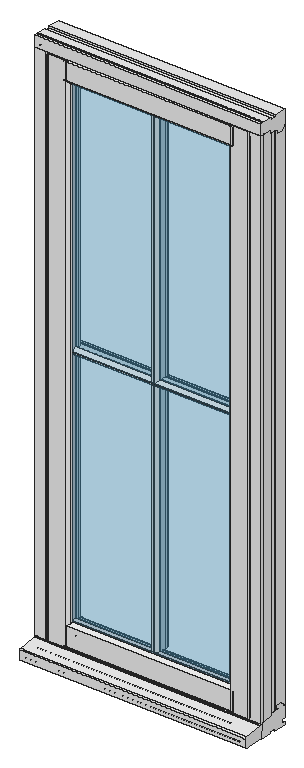
Revit family "C1-4P", category Windows, host Wall, Revit 2012
Parameters
  metal = Matel
  Wood = WindowColor
  Str.Tolrance = 11 mm
  Height = 1770 mm
  Glass = Glass
  Default Sill Height = 914.4 mm
  Wall Closure = By host
  Width = 726 mm
Reference planes
  plane 1 "Center (Front/Back)": y = 0
  plane 2: z = 0
  plane 3 "Center (Left/Right)": x = 0
  plane 4 "Left": x = -363
  plane 5 "Right": x = 363
  plane 6 "Sill": z = 914.4
  plane 7 "Top": z = 2684.4
  plane 8: y = 33.076
  plane 9: z = 2648.4
  plane 10: x = 323
  plane 11: x = -323
  plane 12: z = 2644.4
  plane 13: z = 962.4
  plane 14: x = 265
  plane 15: x = -265
  plane 16: z = 1024.4
  plane 17: z = 2586.4
  plane 18: z = 2628.4
  plane 19: z = 1799.4
Forms (mm)
  Sweep 1, solid, material "Matel" <- "metal"
    path origin (0, 0, 0) x (1, 0, 0) y (0, 0, 1)
      loop
        line (363, 914.4) -> (363, 2648.4)
    profile origin (363, 0, 1781.4) x (-1, 0, 0) y (0, -1, 0)
      loop
        line (0, -10) -> (0, -47) -> (43, -47) -> (43, -44)
        arc (43, -44) -> (50.071, -41.071) -> (53, -34) r 10
        line (53, -34) -> (56, -34) -> (56, -18) -> (36, -18) -> (36, -14) -> (44, -14) -> (44, -4) -> (36, -4) -> (36, -1) -> (44, -1) -> (44, 7) -> (36, 7) -> (36, 31.727)
        arc (36, 31.727) -> (34.922, 33.441) -> (33, 34.079) r 3
        line (33, 34.079) -> (33, 41)
        arc (33, 41) -> (34.834, 41.499) -> (36, 43) r 3
        line (36, 43) -> (36, 47) -> (0, 47) -> (0, 42) -> (2, 42)
        arc (2, 42) -> (5, 39) -> (2, 36) r 3
        line (2, 36) -> (0, 36) -> (0, 10) -> (5, 10) -> (5, -10) -> (0, -10)
  Sweep 2, solid, material "Matel" <- "metal"
    path origin (0, 0, 0) x (1, 0, 0) y (0, 0, 1)
      loop
        line (323, 914.4) -> (323, 2644.4)
    profile origin (323, 0, 1779.4) x (-1, 0, 0) y (0, -1, 0)
      loop
        arc (8, -10) -> (8.879, -12.121) -> (11, -13) r 3
        line (11, -13) -> (52, -13) -> (52, 35) -> (68, 35) -> (68, 37) -> (58, 47) -> (3, 47)
        arc (3, 47) -> (0.879, 46.121) -> (0, 44) r 3
        line (0, 44) -> (0, 42)
        arc (0, 42) -> (0.879, 39.879) -> (3, 39) r 3
        line (3, 39) -> (8, 39) -> (8, 28)
        arc (8, 28) -> (8.586, 26.586) -> (10, 26) r 2
        line (10, 26) -> (10, 8)
        arc (10, 8) -> (8.586, 7.414) -> (8, 6) r 2
        line (8, 6) -> (8, -10)
  Sweep 3, solid, material "Matel" <- "metal"
    path origin (0, 0, 0) x (-1, 0, 0) y (0, 0, 1)
      loop
        line (363, 914.4) -> (363, 2648.4)
    profile origin (-363, 0, 1781.4) x (-1, 0, 0) y (0, -1, 0)
      loop
        line (0, -10) -> (-5, -10) -> (-5, 10) -> (0, 10) -> (0, 36) -> (-2, 36)
        arc (-2, 36) -> (-5, 39) -> (-2, 42) r 3
        line (-2, 42) -> (0, 42) -> (0, 47) -> (-36, 47) -> (-36, 43)
        arc (-36, 43) -> (-34.834, 41.499) -> (-33, 41) r 3
        line (-33, 41) -> (-33, 34.079)
        arc (-33, 34.079) -> (-34.922, 33.441) -> (-36, 31.727) r 3
        line (-36, 31.727) -> (-36, 7) -> (-44, 7) -> (-44, -1) -> (-36, -1) -> (-36, -4) -> (-44, -4) -> (-44, -14) -> (-36, -14) -> (-36, -18) -> (-56, -18) -> (-56, -34) -> (-53, -34)
        arc (-53, -34) -> (-50.071, -41.071) -> (-43, -44) r 10
        line (-43, -44) -> (-43, -47) -> (0, -47) -> (0, -10)
  Sweep 4, solid, material "Matel" <- "metal"
    path origin (-2484.788, 0, 2651.344) x (0, 0, 1) y (1, 0, 0)
      loop
        line (33.056, 2121.788) -> (33.056, 2847.788)
    profile origin (0, 0, 2684.4) x (0, 0, 1) y (0, -1, 0)
      loop
        line (0, -10) -> (-5, -10) -> (-5, 10) -> (0, 10) -> (0, 36) -> (-2, 36)
        arc (-2, 36) -> (-5, 39) -> (-2, 42) r 3
        line (-2, 42) -> (0, 42) -> (0, 47) -> (-36, 47) -> (-36, 43)
        arc (-36, 43) -> (-34.834, 41.499) -> (-33, 41) r 3
        line (-33, 41) -> (-33, 34.079)
        arc (-33, 34.079) -> (-34.922, 33.441) -> (-36, 31.727) r 3
        line (-36, 31.727) -> (-36, 7) -> (-44, 7) -> (-44, -1) -> (-36, -1) -> (-36, -4) -> (-44, -4) -> (-44, -14) -> (-36, -14) -> (-36, -18) -> (-56, -18) -> (-56, -34) -> (-53, -34)
        arc (-53, -34) -> (-50.071, -41.071) -> (-43, -44) r 10
        line (-43, -44) -> (-43, -47) -> (0, -47) -> (0, -10)
  Sweep 5, solid, material "Matel" <- "metal"
    path origin (0, 0, 0) x (1, 0, 0) y (0, 0, 1)
      loop
        line (363, 914.4) -> (-363, 914.4)
    profile origin (0, 0, 914.4) x (0, 0, -1) y (0, -1, 0)
      loop
        line (-55, -46) -> (-20, -46) -> (-20, -36) -> (-10, -36) -> (-10, -46) -> (0, -46) -> (0, -9) -> (-5, -9) -> (-5, 11) -> (0, 11) -> (0, 37) -> (-2, 37)
        arc (-2, 37) -> (-5, 40) -> (-2, 43) r 3
        line (-2, 43) -> (0, 43) -> (0, 48) -> (-23, 48) -> (-23, 43) -> (-38, 43) -> (-38, 48) -> (-41, 48)
        arc (-41, 48) -> (-42.414, 47.414) -> (-43, 46) r 2
        line (-43, 46) -> (-48, 6) -> (-53, 6) -> (-56, -17) -> (-57, -17) -> (-57, -23) -> (-60, -23) -> (-60, -17) -> (-68, -17) -> (-68, -33) -> (-65, -33)
        arc (-65, -33) -> (-62.071, -40.071) -> (-55, -43) r 10
        line (-55, -43) -> (-55, -46)
  Sweep 6, solid, material "Matel" <- "metal"
    path origin (0, 0, 0) x (1, 0, 0) y (0, 0, 1)
      loop
        line (363, 914.4) -> (-363, 914.4)
    profile origin (0, 0, 914.4) x (0, 0, -1) y (0, -1, 0)
      loop
        line (-2, 103) -> (0, 103) -> (0, 108) -> (-28, 108)
        arc (-28, 108) -> (-30.068, 107.174) -> (-30.996, 105.149) r 3
        line (-30.996, 105.149) -> (-38, 48) -> (-38, 43) -> (-23, 43) -> (-23, 48) -> (0, 48) -> (0, 97) -> (-2, 97)
        arc (-2, 97) -> (-5, 100) -> (-2, 103) r 3
  Sweep 7, solid, material "Matel" <- "metal"
    path origin (0, 0, 0) x (1, 0, 0) y (0, 0, 1)
      loop
        line (271, 957.4) -> (-271, 957.4)
    profile origin (0, 0, 957.4) x (0, 0, -1) y (0, -1, 0)
      loop
        line (-12, -10.5) -> (-12, 5.5)
        arc (-12, 5.5) -> (-12.586, 6.914) -> (-14, 7.5) r 2
        line (-14, 7.5) -> (-14, 25.5)
        arc (-14, 25.5) -> (-12.586, 26.086) -> (-12, 27.5) r 2
        line (-12, 27.5) -> (-12, 38.5) -> (-3, 38.5)
        arc (-3, 38.5) -> (-0.879, 39.379) -> (0, 41.5) r 3
        line (0, 41.5) -> (0, 43.5)
        arc (0, 43.5) -> (-0.879, 45.621) -> (-3, 46.5) r 3
        line (-3, 46.5) -> (-62, 46.5) -> (-72, 36.5) -> (-72, 34.5) -> (-56, 34.5) -> (-56, -13.5) -> (-15, -13.5)
        arc (-15, -13.5) -> (-12.879, -12.621) -> (-12, -10.5) r 3
  Sweep 8, solid, material "Matel" <- "metal"
    path origin (0, 0, 0) x (1, 0, 0) y (0, 0, 1)
      loop
        line (265, 2586.4) -> (-265, 2586.4) -> (-265, 1019.4) -> (265, 1019.4) -> (265, 2586.4)
    profile origin (0, 0, 2586.4) x (0, 0, -1) y (0, -1, 0)
      loop
        line (-1, -10) -> (-1, -7)
        arc (-1, -7) -> (4.657, -4.657) -> (7, 1) r 8
        line (7, 1) -> (10, 1) -> (10, 5) -> (6, 6) -> (6, 9) -> (-6, 9) -> (-6, -10) -> (-1, -10)
  Sweep 9, solid
    path origin (0, 0, 0) x (1, 0, 0) y (0, 0, 1)
      loop
        line (265, 2586.4) -> (-265, 2586.4) -> (-265, 1024.4) -> (265, 1024.4) -> (265, 2586.4)
    profile origin (0, 0, 2586.4) x (0, 0, -1) y (0, -1, 0)
      loop
        line (-6, 13.165) -> (4, 13.165) -> (4, 29.165) -> (-6, 29.165) -> (-6, 13.165)
  Extrusion 10, solid, material "Glass" <- "Glass"
    sketch origin (0, 0, 0) x (1, 0, 0) y (0, 0, 1)
      loop
        line (265, 2586.4) -> (-265, 2586.4) -> (-265, 1024.4) -> (265, 1024.4) -> (265, 2586.4)
    from 29.165 to 33.165
  Extrusion 11, solid, material "Glass" <- "Glass"
    sketch origin (0, -51.875, 0) x (1, 0, 0) y (0, 0, -1)
      loop
        line (265, -2586.4) -> (265, -1024.4) -> (-265, -1024.4) -> (-265, -2586.4) -> (265, -2586.4)
    from 38.875 to 42.875
  Sweep 12, void
    path origin (0, 0, 0) x (1, 0, 0) y (0, 1, 0)
      loop
        line (-363, 0) -> (363, 0)
    profile origin (0, 0, 0) x (0, 1, 0) y (0, 0, 1)
      loop
        line (46, 969.4) -> (43, 969.4)
        arc (43, 969.4) -> (40.071, 976.471) -> (33, 979.4) r 10
        line (33, 979.4) -> (33, 982.4) -> (17, 982.4) -> (17, 974.4) -> (23, 974.4) -> (23, 971.4) -> (17, 971.4) -> (17, 970.4) -> (-6, 967.4) -> (-6, 962.4) -> (-46, 957.4)
        arc (-46, 957.4) -> (-47.414, 956.814) -> (-48, 955.4) r 2
        line (-48, 955.4) -> (-48, 952.4) -> (-80.364, 948.378) -> (-105.37, 945.377) -> (-130.37, 942.377)
        arc (-130.37, 942.377) -> (-132.248, 941.386) -> (-133, 939.4) r 3
        line (-133, 939.4) -> (-133, 909.4) -> (57, 909.4) -> (57, 969.4) -> (46, 969.4)
  Sweep 13, void
    path origin (0, 0, 0) x (1, 0, 0) y (0, 1, 0)
      loop
        line (-363, 0) -> (363, 0)
    profile origin (0, 0, 0) x (0, 1, 0) y (0, 0, 1)
      loop
        line (47, 2641.4) -> (57, 2641.4) -> (57, 2691.4) -> (-58, 2691.4) -> (-58, 2648.4) -> (-47, 2648.4) -> (-43, 2648.4)
        arc (-43, 2648.4) -> (-41.499, 2649.566) -> (-41, 2651.4) r 3
        line (-41, 2651.4) -> (-34.079, 2651.4)
        arc (-34.079, 2651.4) -> (-33.441, 2649.478) -> (-31.727, 2648.4) r 3
        line (-31.727, 2648.4) -> (-7, 2648.4) -> (-7, 2640.4) -> (1, 2640.4) -> (1, 2648.4) -> (4, 2648.4) -> (4, 2640.4) -> (14, 2640.4) -> (14, 2648.4) -> (18, 2648.4) -> (18, 2628.4) -> (34, 2628.4) -> (34, 2631.4)
        arc (34, 2631.4) -> (41.071, 2634.329) -> (44, 2641.4) r 10
        line (44, 2641.4) -> (47, 2641.4)
  Sweep 14, solid, material "Matel" <- "metal"
    path origin (0, 0, 0) x (1, 0, 0) y (0, 0, 1)
      loop
        line (265, 1799.4) -> (-265, 1799.4)
    profile origin (0, 0, 1799.4) x (0, 0, -1) y (0, -1, 0)
      loop
        line (10, -10.711) -> (-10, -10.711) -> (-10, -16.711) -> (-8, -16.711) -> (-8, -19.211)
        arc (-8, -19.211) -> (-6.294, -23.727) -> (-2.5, -26.711) r 9
        line (-2.5, -26.711) -> (-2.5, -28.711) -> (2.5, -28.711) -> (2.5, -26.711)
        arc (2.5, -26.711) -> (6.294, -23.727) -> (8, -19.211) r 9
        line (8, -19.211) -> (8, -16.711) -> (10, -16.711) -> (10, -10.711)
      loop
        line (10, 18.378) -> (2.551, 26.532) -> (2.551, 28.532) -> (-2.449, 28.532) -> (-2.449, 26.532) -> (-10, 15.578) -> (10, 15.578) -> (10, 18.378)
  Sweep 15, solid, material "Matel" <- "metal"
    path origin (0, 0, 0) x (1, 0, 0) y (0, 0, 1)
      loop
        line (265, 1799.4) -> (-265, 1799.4)
    profile origin (0, 0, 1799.4) x (0, 0, -1) y (0, -1, 0)
      loop
        line (10, -5.465) -> (10, 10.535) -> (-10, 10.535) -> (-10, -5.465) -> (10, -5.465)
  Sweep 16, solid, material "Matel" <- "metal"
    path origin (-1799.4, 0, 2027.921) x (0, 0, -1) y (1, 0, 0)
      loop
        line (1003.521, 1799.4) -> (-558.479, 1799.4)
    profile origin (0, 0, 1805.4) x (-1, 0, 0) y (0, -1, 0)
      loop
        line (10, -10.711) -> (-10, -10.711) -> (-10, -16.711) -> (-8, -16.711) -> (-8, -19.211)
        arc (-8, -19.211) -> (-6.294, -23.727) -> (-2.5, -26.711) r 9
        line (-2.5, -26.711) -> (-2.5, -28.711) -> (2.5, -28.711) -> (2.5, -26.711)
        arc (2.5, -26.711) -> (6.294, -23.727) -> (8, -19.211) r 9
        line (8, -19.211) -> (8, -16.711) -> (10, -16.711) -> (10, -10.711)
      loop
        line (10, 18.378) -> (2.551, 26.532) -> (2.551, 28.532) -> (-2.449, 28.532) -> (-2.449, 26.532) -> (-10, 15.578) -> (10, 15.578) -> (10, 18.378)
  Sweep 17, solid, material "Matel" <- "metal"
    path origin (-2621.044, 0, 1624.754) x (0, 0, -1) y (1, 0, 0)
      loop
        line (600.354, 2621.044) -> (-961.646, 2621.044)
    profile origin (0, 0, 1805.4) x (-1, 0, 0) y (0, -1, 0)
      loop
        line (10, -5.465) -> (10, 10.535) -> (-10, 10.535) -> (-10, -5.465) -> (10, -5.465)
  Sweep 18, solid, material "Matel" <- "metal"
    path origin (1455.18, 0.5, 2321.142) x (0, 0, 1) y (-1, 0, 0)
      loop
        line (323.258, 1184.18) -> (323.258, 1726.18)
    profile origin (0, 0.5, 2644.4) x (0, 0, -1) y (0, -1, 0)
      loop
        arc (8, -10) -> (8.879, -12.121) -> (11, -13) r 3
        line (11, -13) -> (52, -13) -> (52, 35) -> (68, 35) -> (68, 37) -> (58, 47) -> (3, 47)
        arc (3, 47) -> (0.879, 46.121) -> (0, 44) r 3
        line (0, 44) -> (0, 42)
        arc (0, 42) -> (0.879, 39.879) -> (3, 39) r 3
        line (3, 39) -> (8, 39) -> (8, 28)
        arc (8, 28) -> (8.586, 26.586) -> (10, 26) r 2
        line (10, 26) -> (10, 8)
        arc (10, 8) -> (8.586, 7.414) -> (8, 6) r 2
        line (8, 6) -> (8, -10)
  Sweep 19, solid, material "Matel" <- "metal"
    path origin (0, 0, 0) x (-1, 0, 0) y (0, 0, -1)
      loop
        line (323, -914.4) -> (323, -2644.4)
    profile origin (-323, 0, 1779.4) x (-1, 0, 0) y (0, -1, 0)
      loop
        line (-8, -10) -> (-8, 6)
        arc (-8, 6) -> (-8.586, 7.414) -> (-10, 8) r 2
        line (-10, 8) -> (-10, 26)
        arc (-10, 26) -> (-8.586, 26.586) -> (-8, 28) r 2
        line (-8, 28) -> (-8, 39) -> (-3, 39)
        arc (-3, 39) -> (-0.879, 39.879) -> (0, 42) r 3
        line (0, 42) -> (0, 44)
        arc (0, 44) -> (-0.879, 46.121) -> (-3, 47) r 3
        line (-3, 47) -> (-58, 47) -> (-68, 37) -> (-68, 35) -> (-52, 35) -> (-52, -13) -> (-11, -13)
        arc (-11, -13) -> (-8.879, -12.121) -> (-8, -10) r 3
Cuts and joins
  Sweep 12, Sweep 13 cuts Sweep 1
  Sweep 12 cuts Sweep 2
  Sweep 12, Sweep 13 cuts Sweep 3
Lines and regions (mm)
  Opening 1
    outline origin (-1524, -47, 0) x (1, 0, 0) y (0, 0, 1)
      loop
        line (1161, 2684.4) -> (1161, 914.4) -> (1887, 914.4) -> (1887, 2684.4) -> (1161, 2684.4)
Text (mm)
  text "EXTERIOR" at (-1490.695, 1293.036, 0), in view "Ref. Level"
  text "INTERIOR" at (-1490.695, -959.266, 0), in view "Ref. Level"
  text "Exterior" at (0, 1108.87, 3129.179), in view "Left"
  text "Exterior" at (0, 464.664, 3176.206), in view "Right"
Dimensions and locks
  equal spacing: plane 4 "Left", plane 3 "Center (Left/Right)", plane 5 "Right"  (x2)
  "Height": plane 6 "Sill" to plane 7 "Top"
  "Default Sill Height": plane 2 to plane 6 "Sill"
  plane 6 "Sill" to plane 7 "Top" = 1770 mm
  "Width": plane 4 "Left" to plane 5 "Right"
  locked: plane 9 to plane 7 "Top" at 36
  plane 10 to plane 5 "Right" = 40 mm
  plane 11 to plane 4 "Left" = 40 mm
  locked: plane 12 to plane 7 "Top" at 40
  locked: plane 6 "Sill" to plane 13 at 48
  locked: plane 5 "Right" to plane 14 at 98
  locked: plane 4 "Left" to plane 15 at 98
  locked: plane 6 "Sill" to plane 16 at 110
  locked: plane 17 to plane 7 "Top" at 98
  locked: Extrusion 10 to Extrusion 10 at 4
  locked: Extrusion 11 to Extrusion 11 at 4
  equal spacing: plane 6 "Sill", plane 19, plane 7 "Top"
  aligned and locked: plane 7 "Top" to Opening 1 sketch curve
  aligned and locked: plane 6 "Sill" to Opening 1 sketch curve  (x2)
  aligned and locked: plane 5 "Right" to Opening 1 sketch curve
  aligned and locked: plane 4 "Left" to Opening 1 sketch curve
  aligned and locked: level to plane 2
  aligned and locked: plane 5 "Right" to Sweep 1 sketch curve
  aligned and locked: plane 10 to Sweep 2 sketch curve
  aligned and locked: plane 9 to Sweep 1 sketch curve
  aligned and locked: plane 4 "Left" to Sweep 3 sketch curve
  aligned and locked: plane 9 to Sweep 3 sketch curve
  aligned and locked: plane 5 "Right" to Sweep 4 sketch curve
  aligned and locked: plane 4 "Left" to Sweep 4 sketch curve
  aligned and locked: plane 4 "Left" to Sweep 5 sketch curve
  aligned and locked: plane 5 "Right" to Sweep 5 sketch curve
  aligned and locked: Sweep 8 sketch curve to plane 14
  aligned and locked: Sweep 8 sketch curve to plane 15
  aligned and locked: Sweep 8 sketch curve to plane 17
  aligned and locked: Sweep 9 sketch curve to plane 14
  aligned and locked: Sweep 9 sketch curve to plane 15
  aligned and locked: Sweep 9 sketch curve to plane 17
  aligned and locked: plane 16 to Sweep 9 sketch curve
  aligned and locked: plane 16 to Extrusion 10 sketch curve
  aligned and locked: Extrusion 10 sketch curve to plane 15
  aligned and locked: Extrusion 10 sketch curve to plane 17
  aligned and locked: Extrusion 10 sketch curve to plane 14
  aligned and locked: Extrusion 10 to Sweep 9
  aligned and locked: plane 6 "Sill" to Sweep 5
  aligned and locked: plane 6 "Sill" to Sweep 6
  aligned and locked: Sweep 4 to plane 7 "Top"
  aligned and locked: Sweep 7 sketch curve to Sweep 5
  aligned and locked: plane 14 to Sweep 14 sketch curve
  aligned and locked: plane 15 to Sweep 14 sketch curve
  aligned and locked: Sweep 14 sketch curve to plane 19
  aligned and locked: plane 14 to Sweep 15 sketch curve
  aligned and locked: plane 15 to Sweep 15 sketch curve
  aligned and locked: Sweep 15 sketch curve to plane 19
  aligned and locked: plane 17 to Sweep 16 sketch curve
  aligned and locked: plane 16 to Sweep 16 sketch curve
  aligned and locked: Sweep 17 sketch curve to plane 3 "Center (Left/Right)"
  aligned and locked: plane 17 to Sweep 17 sketch curve
  aligned and locked: plane 16 to Sweep 17 sketch curve
  aligned and locked: plane 12 to Sweep 18 sketch curve
  aligned and locked: plane 12 to Sweep 19 sketch curve
  aligned and locked: plane 12 to Sweep 2 sketch curve
Automatic sketch dimensions
  Sweep 1 sketch curve to plane 6 "Sill" = 0 mm
  Sweep 1 sketch curve to profile plane = 0 mm  (x3)
  Sweep 1 sketch curve to profile plane = 2 mm
  Sweep 1 sketch curve to Sweep 1 sketch curve = 5 mm  (x2)
  Sweep 1 sketch curve to Sweep 1 sketch curve = 31 mm  (x2)
  Sweep 1 sketch curve to Sweep 1 sketch curve = 0.071 mm
  Sweep 1 sketch curve to Sweep 1 sketch curve = 0.17 mm
  Sweep 1 sketch curve to plane 1 "Center (Front/Back)" = 4 mm
  Sweep 1 sketch curve to Sweep 1 sketch curve = 0 mm  (x3)
  Sweep 1 sketch curve to Sweep 1 sketch curve = 2.83 mm
  Sweep 1 sketch curve to Sweep 1 sketch curve = 7 mm
  Sweep 1 sketch curve to Sweep 1 sketch curve = 8 mm
  Sweep 1 sketch curve to plane 1 "Center (Front/Back)" = 1 mm
  Sweep 1 sketch curve to Sweep 1 sketch curve = 10 mm  (x2)
  Sweep 1 sketch curve to Sweep 1 sketch curve = 12 mm
  Sweep 1 sketch curve to plane 1 "Center (Front/Back)" = 10 mm
  Sweep 1 sketch curve to Sweep 1 sketch curve = 4 mm
  Sweep 1 sketch curve to Sweep 1 sketch curve = 16 mm
  Sweep 1 sketch curve to Sweep 1 sketch curve = 3 mm  (x2)
  plane 1 "Center (Front/Back)" to Sweep 1 sketch curve = 7 mm
  plane 1 "Center (Front/Back)" to Sweep 1 sketch curve = 10 mm
  Sweep 1 sketch curve to Sweep 1 sketch curve = 24.08 mm
  Sweep 1 sketch curve to Sweep 1 sketch curve = 0.647 mm
  Sweep 1 sketch curve to Sweep 1 sketch curve = 26 mm
  Sweep 1 sketch curve to Sweep 1 sketch curve = 6.921 mm
  Sweep 1 sketch curve to Sweep 1 sketch curve = 2 mm
  Sweep 2 sketch curve to plane 6 "Sill" = 0 mm
  Sweep 2 sketch curve to profile plane = 0 mm
  Sweep 2 sketch curve to profile plane = 3 mm
  Sweep 2 sketch curve to Sweep 2 sketch curve = 0 mm
  Sweep 2 sketch curve to profile plane = 8 mm
  Sweep 2 sketch curve to Sweep 2 sketch curve = 5 mm
  Sweep 2 sketch curve to Sweep 2 sketch curve = 2 mm  (x3)
  Sweep 2 sketch curve to Sweep 2 sketch curve = 3 mm
  Sweep 2 sketch curve to profile plane = 13 mm
  Sweep 2 sketch curve to Sweep 2 sketch curve = 41 mm
  Sweep 2 sketch curve to Sweep 2 sketch curve = 6 mm
  Sweep 2 sketch curve to Sweep 2 sketch curve = 10 mm
  profile plane to Sweep 2 sketch curve = 6 mm
  Sweep 2 sketch curve to Sweep 2 sketch curve = 18 mm
  profile plane to Sweep 2 sketch curve = 35 mm
  Sweep 2 sketch curve to Sweep 2 sketch curve = 11 mm
  Sweep 3 sketch curve to plane 6 "Sill" = 0 mm
  Sweep 3 sketch curve to profile plane = 0 mm  (x3)
  Sweep 3 sketch curve to Sweep 3 sketch curve = 2 mm  (x2)
  profile plane to Sweep 3 sketch curve = 5 mm
  Sweep 3 sketch curve to Sweep 3 sketch curve = 31 mm
  Sweep 3 sketch curve to Sweep 3 sketch curve = 0.071 mm
  Sweep 3 sketch curve to Sweep 3 sketch curve = 0.17 mm
  plane 1 "Center (Front/Back)" to Sweep 3 sketch curve = 7 mm
  Sweep 3 sketch curve to Sweep 3 sketch curve = 2.929 mm
  Sweep 3 sketch curve to Sweep 3 sketch curve = 2.83 mm
  Sweep 3 sketch curve to plane 1 "Center (Front/Back)" = 1 mm
  Sweep 3 sketch curve to Sweep 3 sketch curve = 0 mm  (x3)
  Sweep 3 sketch curve to Sweep 3 sketch curve = 7 mm
  Sweep 3 sketch curve to Sweep 3 sketch curve = 8 mm
  Sweep 3 sketch curve to Sweep 3 sketch curve = 10 mm  (x2)
  Sweep 3 sketch curve to Sweep 3 sketch curve = 3 mm  (x4)
  Sweep 3 sketch curve to plane 1 "Center (Front/Back)" = 10 mm
  Sweep 3 sketch curve to Sweep 3 sketch curve = 4 mm
  Sweep 3 sketch curve to Sweep 3 sketch curve = 16 mm
  plane 1 "Center (Front/Back)" to Sweep 3 sketch curve = 10 mm
  Sweep 3 sketch curve to Sweep 3 sketch curve = 24.08 mm
  Sweep 3 sketch curve to Sweep 3 sketch curve = 0.647 mm
  Sweep 3 sketch curve to Sweep 3 sketch curve = 26 mm
  Sweep 3 sketch curve to Sweep 3 sketch curve = 6.921 mm
  Sweep 3 sketch curve to Sweep 3 sketch curve = 5 mm
  Sweep 4 sketch curve to plane 7 "Top" = 0 mm
  profile plane to Sweep 4 sketch curve = 0 mm  (x3)
  Sweep 4 sketch curve to Sweep 4 sketch curve = 2 mm  (x2)
  Sweep 4 sketch curve to Sweep 4 sketch curve = 5 mm  (x2)
  Sweep 4 sketch curve to Sweep 4 sketch curve = 31 mm
  Sweep 4 sketch curve to Sweep 4 sketch curve = 0.071 mm
  Sweep 4 sketch curve to Sweep 4 sketch curve = 0.17 mm
  plane 1 "Center (Front/Back)" to Sweep 4 sketch curve = 7 mm
  Sweep 4 sketch curve to Sweep 4 sketch curve = 2.929 mm
  Sweep 4 sketch curve to Sweep 4 sketch curve = 2.83 mm
  Sweep 4 sketch curve to plane 1 "Center (Front/Back)" = 1 mm
  Sweep 4 sketch curve to Sweep 4 sketch curve = 0 mm  (x3)
  Sweep 4 sketch curve to Sweep 4 sketch curve = 7 mm
  Sweep 4 sketch curve to Sweep 4 sketch curve = 8 mm
  Sweep 4 sketch curve to Sweep 4 sketch curve = 10 mm  (x2)
  Sweep 4 sketch curve to Sweep 4 sketch curve = 3 mm  (x4)
  Sweep 4 sketch curve to plane 1 "Center (Front/Back)" = 10 mm
  Sweep 4 sketch curve to Sweep 4 sketch curve = 4 mm
  Sweep 4 sketch curve to Sweep 4 sketch curve = 16 mm
  plane 1 "Center (Front/Back)" to Sweep 4 sketch curve = 10 mm
  Sweep 4 sketch curve to Sweep 4 sketch curve = 24.08 mm
  Sweep 4 sketch curve to Sweep 4 sketch curve = 0.647 mm
  Sweep 4 sketch curve to Sweep 4 sketch curve = 26 mm
  Sweep 4 sketch curve to Sweep 4 sketch curve = 6.921 mm
  Sweep 5 sketch curve to plane 6 "Sill" = 0 mm
  Sweep 5 sketch curve to profile plane = 0 mm  (x3)
  profile plane to Sweep 5 sketch curve = 2 mm
  profile plane to Sweep 5 sketch curve = 5 mm
  profile plane to Sweep 5 sketch curve = 10 mm
  Sweep 5 sketch curve to Sweep 5 sketch curve = 10 mm  (x5)
  Sweep 5 sketch curve to Sweep 5 sketch curve = 21 mm
  Sweep 5 sketch curve to Sweep 5 sketch curve = 15 mm
  Sweep 5 sketch curve to Sweep 5 sketch curve = 3 mm  (x6)
  Sweep 5 sketch curve to Sweep 5 sketch curve = 2 mm
  plane 1 "Center (Front/Back)" to Sweep 5 sketch curve = 6 mm
  Sweep 5 sketch curve to Sweep 5 sketch curve = 5 mm  (x2)
  Sweep 5 sketch curve to Sweep 5 sketch curve = 35 mm
  Sweep 5 sketch curve to plane 1 "Center (Front/Back)" = 17 mm
  Sweep 5 sketch curve to Sweep 5 sketch curve = 1 mm  (x2)
  Sweep 5 sketch curve to Sweep 5 sketch curve = 0 mm  (x2)
  Sweep 5 sketch curve to Sweep 5 sketch curve = 6 mm
  Sweep 5 sketch curve to plane 1 "Center (Front/Back)" = 36 mm
  Sweep 5 sketch curve to plane 1 "Center (Front/Back)" = 9 mm
  plane 1 "Center (Front/Back)" to Sweep 5 sketch curve = 11 mm
  Sweep 5 sketch curve to Sweep 5 sketch curve = 26 mm
  plane 4 "Left" to Sweep 6 sketch curve = 0 mm
  plane 5 "Right" to Sweep 6 sketch curve = 0 mm
  Sweep 6 sketch curve to plane 6 "Sill" = 0 mm
  Sweep 6 sketch curve to profile plane = 0 mm  (x2)
  Sweep 6 sketch curve to Sweep 6 sketch curve = 2 mm  (x2)
  Sweep 6 sketch curve to Sweep 6 sketch curve = 23 mm
  Sweep 6 sketch curve to Sweep 6 sketch curve = 26 mm
  Sweep 6 sketch curve to Sweep 6 sketch curve = 2.996 mm
  Sweep 6 sketch curve to Sweep 6 sketch curve = 15 mm
  plane 1 "Center (Front/Back)" to Sweep 6 sketch curve = 43 mm
  Sweep 6 sketch curve to Sweep 6 sketch curve = 5 mm  (x2)
  Sweep 6 sketch curve to Sweep 6 sketch curve = 49 mm
  Sweep 6 sketch curve to Sweep 6 sketch curve = 3 mm
  Sweep 6 sketch curve to Sweep 6 sketch curve = 0.149 mm
  Sweep 7 sketch curve to profile plane = 0 mm
  profile plane to Sweep 7 sketch curve = 3 mm  (x2)
  profile plane to Sweep 7 sketch curve = 12 mm  (x2)
  Sweep 7 sketch curve to Sweep 7 sketch curve = 2 mm  (x3)
  Sweep 7 sketch curve to Sweep 7 sketch curve = 3 mm
  Sweep 7 sketch curve to Sweep 7 sketch curve = 42 mm
  Sweep 7 sketch curve to Sweep 7 sketch curve = 6 mm
  Sweep 7 sketch curve to Sweep 7 sketch curve = 10 mm
  Sweep 7 sketch curve to plane 1 "Center (Front/Back)" = 13.5 mm
  plane 1 "Center (Front/Back)" to Sweep 7 sketch curve = 5.5 mm
  Sweep 7 sketch curve to Sweep 7 sketch curve = 18 mm
  plane 1 "Center (Front/Back)" to Sweep 7 sketch curve = 34.5 mm
  Sweep 7 sketch curve to Sweep 7 sketch curve = 11 mm
  profile plane to Sweep 8 sketch curve = 6 mm
  profile plane to Sweep 8 sketch curve = 1 mm
  Sweep 8 sketch curve to profile plane = 6 mm
  plane 1 "Center (Front/Back)" to Sweep 8 sketch curve = 1 mm
  Sweep 8 sketch curve to Sweep 8 sketch curve = 1 mm  (x2)
  plane 1 "Center (Front/Back)" to Sweep 8 sketch curve = 5 mm
  Sweep 8 sketch curve to Sweep 8 sketch curve = 4 mm
  Sweep 8 sketch curve to Sweep 8 sketch curve = 3 mm
  plane 1 "Center (Front/Back)" to Sweep 8 sketch curve = 9 mm
  profile plane to Sweep 9 sketch curve = 6 mm
  Sweep 9 sketch curve to profile plane = 4 mm
  plane 1 "Center (Front/Back)" to Sweep 9 sketch curve = 13.165 mm
  Sweep 9 sketch curve to Sweep 9 sketch curve = 16 mm
  plane 15 to Extrusion 11 sketch curve = 0 mm
  Extrusion 11 sketch curve to plane 14 = 0 mm
  Extrusion 11 sketch curve to plane 17 = 0 mm
  Extrusion 11 sketch curve to plane 16 = 0 mm
  plane 1 "Center (Front/Back)" to Sweep 12 sketch curve = 0 mm
  Sweep 12 sketch curve to plane 4 "Left" = 0 mm
  Sweep 12 sketch curve to plane 5 "Right" = 0 mm
  profile plane to Sweep 12 sketch curve = 133 mm
  Sweep 12 sketch curve to Sweep 12 sketch curve = 2.63 mm
  Sweep 12 sketch curve to Sweep 12 sketch curve = 3 mm  (x6)
  Sweep 12 sketch curve to Sweep 12 sketch curve = 25 mm
  Sweep 12 sketch curve to Sweep 12 sketch curve = 25.006 mm
  Sweep 12 sketch curve to Sweep 12 sketch curve = 32.364 mm
  Sweep 12 sketch curve to Sweep 12 sketch curve = 2 mm  (x2)
  profile plane to Sweep 12 sketch curve = 6 mm
  Sweep 12 sketch curve to profile plane = 17 mm
  Sweep 12 sketch curve to Sweep 12 sketch curve = 0 mm
  Sweep 12 sketch curve to Sweep 12 sketch curve = 6 mm
  Sweep 12 sketch curve to Sweep 12 sketch curve = 10 mm  (x2)
  Sweep 12 sketch curve to Sweep 12 sketch curve = 11 mm
  level to Sweep 12 sketch curve = 909.4 mm
  Sweep 12 sketch curve to Sweep 12 sketch curve = 30 mm
  Sweep 12 sketch curve to Sweep 12 sketch curve = 3.001 mm
  Sweep 12 sketch curve to Sweep 12 sketch curve = 4.022 mm
  Sweep 12 sketch curve to Sweep 12 sketch curve = 5 mm  (x2)
  Sweep 12 sketch curve to Sweep 12 sketch curve = 1 mm  (x2)
  plane 1 "Center (Front/Back)" to Sweep 13 sketch curve = 0 mm
  Sweep 13 sketch curve to plane 4 "Left" = 0 mm
  Sweep 13 sketch curve to plane 5 "Right" = 0 mm
  profile plane to Sweep 13 sketch curve = 58 mm
  Sweep 13 sketch curve to Sweep 13 sketch curve = 11 mm
  Sweep 13 sketch curve to Sweep 13 sketch curve = 3.005 mm
  Sweep 13 sketch curve to Sweep 13 sketch curve = 0.995 mm
  Sweep 13 sketch curve to Sweep 13 sketch curve = 2.995 mm
  Sweep 13 sketch curve to Sweep 13 sketch curve = 6.921 mm
  Sweep 13 sketch curve to Sweep 13 sketch curve = 2.353 mm
  Sweep 13 sketch curve to Sweep 13 sketch curve = 0.647 mm
  profile plane to Sweep 13 sketch curve = 7 mm
  Sweep 13 sketch curve to profile plane = 1 mm
  Sweep 13 sketch curve to Sweep 13 sketch curve = 3 mm  (x3)
  Sweep 13 sketch curve to Sweep 13 sketch curve = 10 mm  (x3)
  Sweep 13 sketch curve to Sweep 13 sketch curve = 4 mm
  Sweep 13 sketch curve to Sweep 13 sketch curve = 16 mm
  level to Sweep 13 sketch curve = 2628.4 mm
  Sweep 13 sketch curve to Sweep 13 sketch curve = 12 mm
  Sweep 13 sketch curve to Sweep 13 sketch curve = 0 mm  (x3)
  Sweep 13 sketch curve to Sweep 13 sketch curve = 8 mm  (x2)
  Sweep 13 sketch curve to Sweep 13 sketch curve = 2.83 mm
  Sweep 13 sketch curve to Sweep 13 sketch curve = 50 mm
  profile plane to Sweep 14 sketch curve = 10 mm  (x2)
  Sweep 14 sketch curve to Sweep 14 sketch curve = 2 mm  (x5)
  profile plane to Sweep 14 sketch curve = 2.5 mm
  profile plane to Sweep 14 sketch curve = 2.449 mm
  profile plane to Sweep 14 sketch curve = 0.964 mm
  Sweep 14 sketch curve to profile plane = 0.964 mm
  Sweep 14 sketch curve to profile plane = 2.5 mm
  Sweep 14 sketch curve to profile plane = 2.551 mm
  Sweep 14 sketch curve to Sweep 14 sketch curve = 7.036 mm
  Sweep 14 sketch curve to profile plane = 10 mm
  Sweep 14 sketch curve to plane 1 "Center (Front/Back)" = 28.711 mm
  Sweep 14 sketch curve to Sweep 14 sketch curve = 7.5 mm
  Sweep 14 sketch curve to Sweep 14 sketch curve = 0.807 mm
  Sweep 14 sketch curve to Sweep 14 sketch curve = 2.5 mm  (x2)
  Sweep 14 sketch curve to Sweep 14 sketch curve = 6 mm
  plane 1 "Center (Front/Back)" to Sweep 14 sketch curve = 15.578 mm
  Sweep 14 sketch curve to Sweep 14 sketch curve = 2.8 mm
  Sweep 14 sketch curve to Sweep 14 sketch curve = 8.154 mm
  Sweep 14 sketch curve to Sweep 14 sketch curve = 0 mm
  profile plane to Sweep 15 sketch curve = 10 mm
  Sweep 15 sketch curve to profile plane = 10 mm
  Sweep 15 sketch curve to plane 1 "Center (Front/Back)" = 5.465 mm
  plane 1 "Center (Front/Back)" to Sweep 15 sketch curve = 10.535 mm
  Sweep 16 sketch curve to plane 3 "Center (Left/Right)" = 0 mm
  profile plane to Sweep 16 sketch curve = 10 mm  (x2)
  Sweep 16 sketch curve to Sweep 16 sketch curve = 2 mm  (x5)
  profile plane to Sweep 16 sketch curve = 2.5 mm
  profile plane to Sweep 16 sketch curve = 2.449 mm
  profile plane to Sweep 16 sketch curve = 0.964 mm
  Sweep 16 sketch curve to profile plane = 0.964 mm
  Sweep 16 sketch curve to profile plane = 2.5 mm
  Sweep 16 sketch curve to profile plane = 2.551 mm
  Sweep 16 sketch curve to Sweep 16 sketch curve = 7.036 mm
  Sweep 16 sketch curve to profile plane = 10 mm
  Sweep 16 sketch curve to plane 1 "Center (Front/Back)" = 28.711 mm
  Sweep 16 sketch curve to Sweep 16 sketch curve = 7.5 mm
  Sweep 16 sketch curve to Sweep 16 sketch curve = 0.807 mm
  Sweep 16 sketch curve to Sweep 16 sketch curve = 2.5 mm  (x2)
  Sweep 16 sketch curve to Sweep 16 sketch curve = 6 mm
  plane 1 "Center (Front/Back)" to Sweep 16 sketch curve = 15.578 mm
  Sweep 16 sketch curve to Sweep 16 sketch curve = 2.8 mm
  Sweep 16 sketch curve to Sweep 16 sketch curve = 8.154 mm
  Sweep 16 sketch curve to Sweep 16 sketch curve = 0 mm
  profile plane to Sweep 17 sketch curve = 10 mm
  Sweep 17 sketch curve to profile plane = 10 mm
  Sweep 17 sketch curve to plane 1 "Center (Front/Back)" = 5.465 mm
  plane 1 "Center (Front/Back)" to Sweep 17 sketch curve = 10.535 mm
  Sweep 19 sketch curve to plane 11 = 0 mm
  Sweep 19 sketch curve to plane 6 "Sill" = 0 mm
  Sweep 19 sketch curve to profile plane = 0 mm
  profile plane to Sweep 19 sketch curve = 3 mm  (x2)
  profile plane to Sweep 19 sketch curve = 8 mm  (x2)
  Sweep 19 sketch curve to Sweep 19 sketch curve = 2 mm  (x3)
  Sweep 19 sketch curve to Sweep 19 sketch curve = 3 mm
  Sweep 19 sketch curve to Sweep 19 sketch curve = 42 mm
  Sweep 19 sketch curve to Sweep 19 sketch curve = 6 mm
  Sweep 19 sketch curve to Sweep 19 sketch curve = 10 mm
  Sweep 19 sketch curve to profile plane = 13 mm
  profile plane to Sweep 19 sketch curve = 6 mm
  Sweep 19 sketch curve to Sweep 19 sketch curve = 18 mm
  profile plane to Sweep 19 sketch curve = 35 mm
  Sweep 19 sketch curve to Sweep 19 sketch curve = 11 mm
  Sweep 18 sketch curve to profile plane = 0 mm
  Sweep 18 sketch curve to profile plane = 3 mm
  Sweep 18 sketch curve to Sweep 18 sketch curve = 0 mm
  Sweep 18 sketch curve to profile plane = 8 mm
  Sweep 18 sketch curve to Sweep 18 sketch curve = 5 mm
  Sweep 18 sketch curve to Sweep 18 sketch curve = 2 mm  (x3)
  Sweep 18 sketch curve to Sweep 18 sketch curve = 3 mm
  Sweep 18 sketch curve to profile plane = 13 mm
  Sweep 18 sketch curve to Sweep 18 sketch curve = 41 mm
  Sweep 18 sketch curve to Sweep 18 sketch curve = 6 mm
  Sweep 18 sketch curve to Sweep 18 sketch curve = 10 mm
  profile plane to Sweep 18 sketch curve = 6 mm
  Sweep 18 sketch curve to Sweep 18 sketch curve = 18 mm
  profile plane to Sweep 18 sketch curve = 35 mm
  Sweep 18 sketch curve to Sweep 18 sketch curve = 11 mm
  plane 15 to Sweep 18 sketch curve = 6 mm
  plane 14 to Sweep 18 sketch curve = 6 mm
  plane 15 to Sweep 7 sketch curve = 6 mm
  plane 14 to Sweep 7 sketch curve = 6 mm
  Sweep 8 sketch curve to plane 16 = 5 mm
